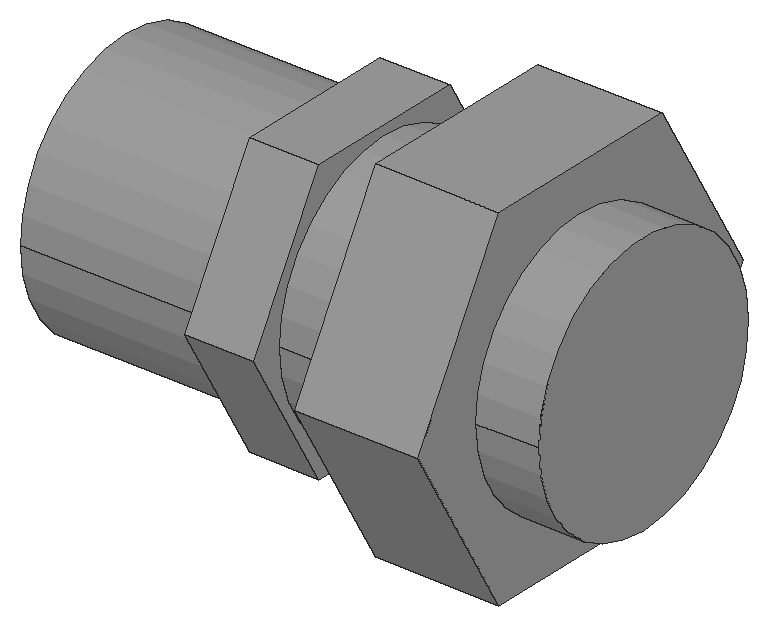
Revit family "BIMLIB_Адаптер_НР_РОСТерм", category Соединительные детали трубопроводов, Revit 2017
Family settings
  Размер круглого соединителя = Использовать диаметр
  Тип детали = Переход
  На основе рабочей плоскости = Нет
  Всегда вертикально = Да
  При загрузке вырезать с полостями = Нет
  Общий = Нет
Parameters (values of type "Адаптер для медных трубок НР")
  РТ_DN = 15 mm
  РТ_L1 = 29.388 mm
  РТ_L = 7 mm
  URL = "http://rostherm.ru/"
  Изображение типоразмера = <Нет>
  Изготовитель = "РОСТерм"  # constant formula
  РТ_A = 18.802 mm
  РТ_Rвн = 5 mm
  РТ_Rвнеш = 10 mm
  Описание = "Адаптер для медных трубок НР"
  BL_Разработано = "support@bimlib.ru"  # constant formula
  BL_Email = "rostherm@bimlib.ru"  # constant formula
  BL_BIM library = "https://bimlib.pro/manufacturer/rosterm/1632/"
  ADSK_Примечание = ""
  ADSK_Позиция = ""
  ADSK_Обозначение = "ГОСТ 32415-2013"  # constant formula
  ADSK_Наименование краткое = "Адаптер НР 15х1/2''"  # constant formula
  ADSK_Наименование = "Адаптер для медных трубок НР 15х1/2''"  # constant formula
  ADSK_Материал = BIMLIB_Латунь_РТ
  ADSK_Масса_Текст [instance] = ""
  ADSK_Масса [instance] = 0
  ADSK_Марка = ""
  ADSK_Код изделия = ""
  ADSK_Завод-изготовитель = "РОСТерм"  # constant formula
  ADSK_Единица измерения = "шт."  # constant formula
  ADSK_Версия Revit = "2017"  # constant formula
  ADSK_URL страницы изделия = "http://rostherm.ru/"
  ADSK_URL документации изделия = "http://rostherm.ru/"
Reference planes
  plane 1 "Center (Front/Back)": y = 0
  plane 2: z = 0
  plane 3 "Center (Left/Right)": x = 0
  plane 4: x = 29.388
  plane 5: x = 18.802
  plane 6: x = 25.802
  plane 7: x = 14.675
  plane 8: x = 10.739
Forms (mm)
  Sweep 1, solid, material "BIMLIB_Латунь_РТ" <- "ADSK_Материал", detail levels medium+fine
    path in 3D
      loop
        line (18.802, 0, 0) -> (25.802, 0, 0)
    profile origin (22.302, 0, 0) x (0, 1, 0) y (0, 0, 1)
      loop
        line (11.547, 0) -> (5.774, 10) -> (-5.774, 10) -> (-11.547, 0) -> (-5.774, -10) -> (5.774, -10) -> (11.547, 0)
      loop
        circle (0, 0) r 5
  Extrusion 2, solid, material "BIMLIB_Латунь_РТ" <- "ADSK_Материал", detail levels medium+fine
    sketch origin (30, 15, 1200) x (0, -1, 0) y (0, 0, 1)
      loop
        circle (15, -1200) r 7.5
    from 11.198 to 30
  Extrusion 3, solid, material "BIMLIB_Латунь_РТ" <- "ADSK_Материал", detail levels medium+fine
    sketch origin (30, 15, 1200) x (0, -1, 0) y (0, 0, 1)
      loop
        circle (15, -1200) r 7.454
    from 0.612 to 4.198
  Extrusion 4, solid, material "BIMLIB_Латунь_РТ" <- "ADSK_Материал", detail levels medium+fine
    sketch origin (30, 15, 1200) x (0, -1, 0) y (0, 0, 1)
      loop
        line (10.381, -1192) -> (5.762, -1200) -> (10.381, -1208) -> (19.619, -1208) -> (24.238, -1200) -> (19.619, -1192) -> (10.381, -1192)
    from 15.325 to 19.261
Cuts and joins
  joined: Sweep 1, Extrusion 2, Extrusion 3, Extrusion 4
Lines and regions (mm)
  reference lines
    curve 1: line (18.802, 0, 0) -> (25.802, 0, 0)
  sketch lines
    curve 2: line (18.802, 0, 0) -> (25.802, 0, 0)
  model lines, detail levels coarse
    curve 3: line (0, 0, 0) -> (29.388, 0, 0)
    curve 4: line (18.802, 0, 8) -> (18.802, 0, -8)
Dimensions and locks
  "РТ_L1": plane 3 "Center (Left/Right)" to plane 4
  "РТ_L": plane 5 to plane 6
  "РТ_Rвнеш": Sweep 1 sketch curve to curve 1  (x5)
  "РТ_Rвнеш": curve 1 to Sweep 1 sketch curve
  "РТ_A": plane 3 "Center (Left/Right)" to plane 5
  "РТ_Rвн": radius of Sweep 1 sketch curve
  locked: Sweep 1 sketch curve to Sweep 1 sketch curve (angle 120.00°)  (x5)
  aligned and locked: level to plane 2
  aligned and locked: plane 6 to curve 1
  aligned and locked: plane 5 to curve 1
  aligned and locked: plane 1 "Center (Front/Back)" to curve 1
  aligned and locked: plane 4 to curve 3
  aligned and locked: plane 3 "Center (Left/Right)" to curve 3
  aligned and locked: plane 1 "Center (Front/Back)" to curve 3
  aligned and locked: Extrusion 3 to plane 6
  aligned and locked: plane 5 to Extrusion 2
  aligned and locked: Extrusion 2 to plane 3 "Center (Left/Right)"
  aligned and locked: plane 4 to Extrusion 3
  aligned and locked: plane 7 to Extrusion 4
  aligned and locked: Extrusion 4 to plane 8
Automatic sketch dimensions
  Extrusion 2 sketch curve to level = 0 mm
  Extrusion 2 sketch curve to plane 1 "Center (Front/Back)" = 0 mm
  Extrusion 3 sketch curve to level = 0 mm
  Extrusion 3 sketch curve to plane 1 "Center (Front/Back)" = 0 mm
  curve 4 to plane 1 "Center (Front/Back)" = 0 mm
  level to curve 4 = 8 mm
  curve 4 to level = 8 mm
  Sweep 1 sketch curve to profile plane = 0 mm  (x2)
  radius of Extrusion 2 sketch curve = 7.5 mm
  radius of Extrusion 3 sketch curve = 7.454 mm
Connectors
  piping at (25.802, 0, 0), diameter 15, driven by "РТ_DN"
    settings: on Extrusion 3, index 1, connector inside diameter 609.6 mm, connector length 0 mm, flow factor 0, pipe flow 0.0 L/s, pressure drop 0.0 Pa, fitting loss kfactor 0, connector angle 0.00°, fixture units 0, engagement length 0 mm, angle of deflection 0.00°, flow configuration 0, flow direction 0, fitting loss method 0, system type 28, joint type 0, gender type 0, connector reference index 2, connector utility 0, adjustable connector no, is connector primary yes, connector description ""
  piping at (10.739, 0, 0), diameter 15, driven by "РТ_DN"
    settings: on Extrusion 4, index 2, connector inside diameter 609.6 mm, connector length 0 mm, flow factor 0, pipe flow 0.0 L/s, pressure drop 0.0 Pa, fitting loss kfactor 0, connector angle 0.00°, fixture units 0, engagement length 0 mm, angle of deflection 0.00°, flow configuration 0, flow direction 0, fitting loss method 0, system type 28, joint type 0, gender type 0, connector reference index 1, connector utility 0, adjustable connector no, is connector primary no, connector description ""
